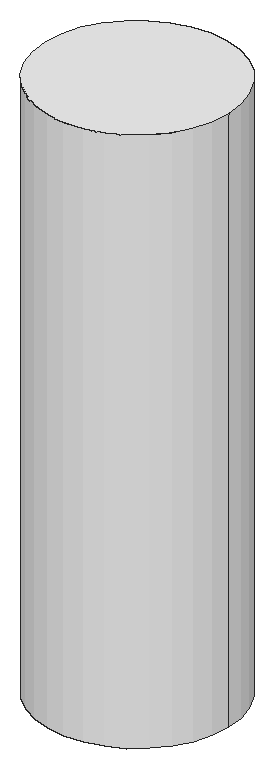
Revit family "05682019", category Plumbing Fixtures, Revit 2020
Family settings
  Round Connector Dimension = Use Diameter
  Part Type = Normal
  OmniClass Number = 23.45.55.00
  OmniClass Title = Sanitary Faucets, Wastes
  Work Plane-Based = No
  Always vertical = Yes
  Cut with Voids When Loaded = No
  Shared = No
  Room Calculation Point = No
Parameters (values of type "05682019 High washbasin faucet, 6 V, Bluetooth ")
  Working Pressure = "100 - 1000 kPa"
  WarrantyStartDate [instance] = "n/a"
  WarrantyGuarantorParts = "n/a"
  WarrantyGuarantorLabor = "n/a"
  WarrantyDurationUnit = "Year"
  WarrantyDurationParts = "n/a"
  WarrantyDurationLabor = "n/a"
  WarrantyDescription = "http://warranty.hansa.com"
  Warranty Information URL = "http://warranty.hansa.com"
  VersionDate = "01/06/2023"
  Version = "1"
  ValvePattern = "n/a"
  ValveOperation = "n/a"
  ValveMechanism = "n/a"
  Uniclass2015Reference = "Pr_40_20_87_96"
  Uniclass2015Description = "Washbasin manual water supply sets"
  Uniclass2 = "Pr_40_30_96_96"
  URL WEEE = "http://static.hansa.com/WEEE/05682019"
  URL UN38.3 = "http://static.hansa.com/UN383/05682019"
  URL REACH = "http://static.hansa.com/doc/reach"
  URL EcoLabel Declaration = "http://static.hansa.com/doc/EcoLabel"
  URL EU Packaging Declaration = "http://static.hansa.com/doc/packaging"
  URL Declaration of SCIP = "http://static.hansa.com/doc/SCIP"
  URL Declaration of Conformity = "http://static.hansa.com/DoC/05682019"
  URL Declaration of Asbestos = "http://static.hansa.com/doc/asbestos"
  URL Declaration Of Performance (DOP) = "http://static.hansa.com/doc/DoP"
  URL ABP = "http://static.hansa.com/ABP/05682019"
  URL = ""
  UNSPSC Class Number = "30181700 Faucets or taps"
  TestPressure = "n/a"
  Technical DataSheet URL = "http://www.hansa.com/datasheet/05682019/en"
  TagNumber [instance] = "n/a"
  SustainabilityPerformance = "n/a"
  Surface treatment = "Chrome"
  Spout Type = "Fixed spout;Casted construction"
  Spout Projection = "136 mm"
  Spare-Part Information URL = "http://static.hansa.com/sp/05682019"
  Size = "55x166.5x174 mm"
  Shape = "Sculptured"
  SerialNumber [instance] = "n/a"
  Sales Package dimensions (LxWxH) = "380 x 180 x 74"
  Revision = "n/a"
  ReplacementCost = "n/a"
  Protection Class = "IP 55"
  ProductInformation = "n/a"
  Product URL = "http://static.hansa.com/05682019"
  Product Image URL = "http://static.hansa.com/image/05682019"
  Product Family = "HANSAMEDIPRO XL"
  Product Code = "05682019"
  OperatingMechanismMaterial = "n/a"
  Operating Voltage = 6 V
  Operating Distance = "20-130 mm (110/130/160 mm)"
  NominalWidth = 55 mm
  NominalHeight = 174 mm
  NominalDepth = 166.5 mm
  Noise Class = "I (ISO 3822)"
  Name_en = "05682019 High washbasin faucet, 6 V, Bluetooth"
  Name = "05682019 High washbasin faucet, 6 V, Bluetooth"
  NBSReference = "45-35-70/371"
  NBSDescription = "Water supply fittings for wash basins and troughs"
  Mounting Holes = "1 hole"
  ModelReference = "05682019"
  ModelNumber = "n/a"
  Model = "05682019 High washbasin faucet, 6 V, Bluetooth"
  Mobile Product Information URL = "http://mpi.hansa.com/05682019"
  Mechanical Parts = "Litter filter(s);Non-return valve(s)"
  Max. Hot Water Supply = 70 °C
  Max Flow Period = "2 min (1 - 1800 s)"
  Material = "Brass"
  Market = "Austria;Belgium;Czech Republic;Germany;Spain;France;International;Italy;Netherlands;Slovakia"
  ManufacturerURL = "http://www.hansa.com"
  ManufacturerName = "HANSA"
  Manufacturer = "HANSA"
  Interactive AR View URL = "https://static.hansa.com/AR/05682019"
  InstallationDate [instance] = "n/a"
  Installation and Maintenance Guide URL = "http://static.hansa.com/manual/05682019"
  Installation Type = "Deck mounted"
  InletConnectionSize = 10 mm
  IfcExportType = "FAUCET"  # constant formula
  IfcExportAs = "IfcValveType"  # constant formula
  Group = "Washbasin faucet"
  Grade = "n/a"
  FlowCoefficient = 0
  Flow Rate At 300kPa With Flow Controller = 0.1 L/s
  Flow Rate At 300kPa (with flow controller) = 0.1 L/s
  Flow Drawing URL = "http://static.hansa.com/flowchart/05682019"
  Finish = "Polished"
  Features = "Touchless;Battery-operated;Bluetooth®"
  FaucetMainMaterial = Brass
  FDV Document URL = "http://www.hansa.com/datasheet/05682019/en/fdv"
  ExpectedLife = "n/a"
  Excluded Items = "Without pop-up waste;Without draw-rod opening"
  Electronic Parts = "Autofocus infrared sensor;Solenoid valve;Low battery indicator"
  ETIM Class Number = "EC010340 Electronic tap"
  EN Standard = "EN 15091,\nETSI EN 301 489-1 V1.9.2 , \nETSI EN 300 328 v2.2.2 , \nEN 61000-6-1:2007 , \nEN 61000-6-3:2007+A1:2011+AC:2012 , \nEN 60335-1:2012+A11+A13+A1+A14+A2+A15:2021, Part 19.11.4"
  EMC Directive = "Radio Equipment Directive 2014/53/EU , \nLow Voltage Directive 2014/35/EU , \nEMC Directive 2014/30/EU , \nRoHS Directive 2011/65/EU"
  EAN Number = "4057304005022"
  DurationUnit = "Year"
  Dimension Drawing URL = "http://static.hansa.com/dimdrw/05682019"
  Description = ""
  DefaultElevation [instance] = 900 mm
  Default Elevation = 0 mm
  Constituents = "n/a"
  Connection Size = "G3/8"
  Connection = "Flexible inlet pipes;One inlet for cold or premixed water;Special coating for hygienic premises"
  Color = "Chrome"
  CodePerformance = "n/a"
  CloseOffRating = 0
  Catalog Drawing URL = "http://static.hansa.com/catdrw/05682019"
  Brand = "HANSA"
  BodyMaterial = "Brass"
  Bluetooth = "4.x (D034445)"
  Battery = "Lithium 2CR5 6 V"
  Barcode [instance] = "n/a"
  Backflow Prevention EN1717 = "AA"
  BIMObjectName = "05682019"
  Automatic Flush Period = "30 s (1-1800 s)"
  Automatic Flush Frequency = "off (off/1-120 h)"
  Author = "BIMStone"
  AssetType = "Fixed"
  AssetIdentifier [instance] = "n/a"
  Approval ABP = "P-IX 29469/IO"
  Ambience photo = "http://static.hansa.com/ambience/05682019"
  Afterflow Period = "3 s (1-20 s)"
  Aerator = "Laminar stream"
  Advanced Features = "Inner body made of DZR brass;Surfaces in contact with drinking water contain less than 0.3% lead;Waterways without nickel coating;;Software settings adjustable via App"
  AccessibilityPerformance = "n/a"
  3D View = "https://static.hansa.com/AR/05682019"
  2D/3D/BIM Files URL = "http://static.hansa.com/bim/05682019"
Reference planes
  plane 1 "Center (Front/Back)": y = 0
  plane 2: z = 0
  plane 3 "Center (Left/Right)": x = 0
  plane 4: x = -27.5
  plane 5: x = 27.5
  plane 6: y = -166.5
  plane 7: z = 1074
  plane 8: z = 900
  plane 9: z = 870
Forms (mm)
  Extrusion 1, solid, material "Brass" <- "FaucetMainMaterial", detail levels medium
    sketch origin (0, 0, 0) x (0, 1, 0) y (0, 0, 1)
      loop
        line (0, 900) -> (-14.379, 1050.418) -> (-148.119, 1074) -> (-161.474, 1074) -> (-166.5, 1045.495) -> (-86.606, 1031.408)
        arc (-86.606, 1031.408) -> (-67.874, 1021.993) -> (-59.728, 1002.675) r 30.321
        line (-59.728, 1002.675) -> (-55, 900) -> (0, 900)
    from -27.5 to 27.5
  Extrusion 2, solid, material "Brass" <- "FaucetMainMaterial", detail levels coarse
    sketch origin (0, 0, 0) x (1, 0, 0) y (0, 1, 0)
      loop
        line (-27.5, 0) -> (-27.5, -166.5) -> (27.5, -166.5) -> (27.5, 0) -> (-27.5, 0)
    from 900 to 1074
  Extrusion 3, solid, material "Brass" <- "FaucetMainMaterial"
    sketch origin (0, 0, 0) x (1, 0, 0) y (0, 1, 0)
      loop
        circle (0, -27.5) r 5
    from 870 to 900
Lines and regions (mm)
  symbolic lines, detail levels medium+fine
    curve 1: line (-15.5, -69.537, 0) -> (-15.5, -149.141, 0)
    curve 2: arc (-22.324, -45.737, 0) -> (-17.24, -57.157, 0) -> (-15.5, -69.537, 0) r 44.913
    curve 3: arc (-27.502, -27.489, 0) -> (-26.212, -36.982, 0) -> (-22.324, -45.737, 0) r 33.978
    curve 4: arc (27.5, -27.489, 0) -> (27.347, -24.595, 0) -> (26.89, -21.734, 0) r 27.502
    curve 5: line (15.499, -71.499, 0) -> (15.499, -149.141, 0)
    curve 6: arc (22.753, -45.031, 0) -> (17.345, -57.777, 0) -> (15.499, -71.499, 0) r 51.914
    curve 7: arc (27.5, -27.489, 0) -> (27.182, -32.345, 0) -> (26.175, -37.105, 0) r 33.977
    curve 8: spline (-15.5, -149.141, 0) -> (-15.464, -150.192, 0) -> (-15.356, -151.239, 0) -> (-15.177, -152.275, 0) -> (-14.927, -153.297, 0) -> (-14.608, -154.3, 0) -> (-14.221, -155.279, 0) -> (-13.767, -156.229, 0) -> (-13.25, -157.147, 0) -> (-12.671, -158.027, 0) -> (-12.033, -158.866, 0) -> (-11.34, -159.659, 0) -> (-10.593, -160.404, 0)
    curve 10: spline (10.592, -160.404, 0) -> (11.339, -159.659, 0) -> (12.032, -158.866, 0) -> (12.67, -158.027, 0) -> (13.249, -157.147, 0) -> (13.766, -156.23, 0) -> (14.219, -155.279, 0) -> (14.606, -154.3, 0) -> (14.926, -153.298, 0) -> (15.175, -152.275, 0) -> (15.355, -151.239, 0) -> (15.463, -150.192, 0) -> (15.499, -149.141, 0)
    curve 11: arc (-10.593, -160.404, 0) -> (0, -166.501, 0) -> (10.592, -160.404, 0) r 12.251
    curve 12: arc (26.89, -21.734, 0) -> (-2.895, -0.141, 0) -> (-27.502, -27.489, 0) r 27.501
    curve 13: line (0, 0, 900) -> (0, -55, 900)
    curve 14: line (0, -55, 900) -> (0, -56.156, 916.535)
    curve 15: line (0, -56.848, 926.423) -> (0, -57.158, 934.633)
    curve 16: arc (0, -59.718, 1002.424) -> (0, -67.789, 1021.901) -> (0, -86.606, 1031.408) r 30.321
    curve 17: line (0, -86.606, 1031.408) -> (0, -137.511, 1040.384)
    curve 18: line (0, -137.511, 1040.384) -> (0, -143.636, 1043.989)
    curve 19: arc (0, -164.599, 1056.328) -> (0, -160.424, 1068.954) -> (0, -148.119, 1074) r 15.911
    curve 20: line (0, -148.119, 1074) -> (0, -42.816, 1054.716)
    curve 21: arc (0, -42.816, 1054.716) -> (0, -35.062, 1052.703) -> (0, -27.682, 1049.584) r 54.98
    curve 22: arc (0, -27.682, 1049.584) -> (0, -17.813, 1041.367) -> (0, -12.418, 1029.713) r 29.231
    curve 23: line (0, -12.418, 1029.713) -> (0, -1.858, 926.431)
    curve 24: line (0, -1.858, 926.431) -> (0, 0, 900)
    curve 25: line (0, -145.977, 1040.013) -> (0, -166.5, 1051.862)
    curve 26: line (0, -166.5, 1051.862) -> (0, -164.059, 1056.01)
    curve 27: line (0, -145.977, 1040.013) -> (0, -143.636, 1043.989)
    curve 29: line (0, -164.059, 1056.01) -> (0, -164.599, 1056.328)
    curve 30: arc (0, -57.413, 941.388) -> (0, -58.589, 937.961) -> (0, -57.158, 934.633) r 5.032
    curve 31: arc (0, -56.638, 923.431) -> (0, -57.788, 919.886) -> (0, -56.156, 916.535) r 4.983
    curve 32: line (0, -56.638, 923.431) -> (0, -56.848, 926.423)
    curve 34: line (0, -57.413, 941.388) -> (0, -59.718, 1002.424)
    curve 36: arc (26.175, -37.105, 0) -> (24.717, -41.177, 0) -> (22.753, -45.031, 0) r 33.977
    curve 37: line (-27.5, 0, 900) -> (27.5, 0, 900)
    curve 38: line (-27.5, 0, 900) -> (-27.5, 0, 926.446)
    curve 39: line (-27.5, 0, 926.446) -> (-24.359, 0, 1016.391)
    curve 40: arc (-24.359, 0, 1016.391) -> (-21.799, 0, 1031.69) -> (-15.365, 0, 1045.804) r 59.407
    curve 41: line (-15.365, 0, 1045.804) -> (-15.365, 0, 1058.848)
    curve 42: line (27.5, 0, 900) -> (27.5, 0, 926.446)
    curve 43: line (27.5, 0, 926.446) -> (24.359, 0, 1016.391)
    curve 44: arc (24.359, 0, 1016.391) -> (21.799, 0, 1031.69) -> (15.365, 0, 1045.804) r 59.407
    curve 45: line (15.365, 0, 1045.804) -> (15.365, 0, 1058.848)
    curve 46: spline (-15.365, 0, 1058.848) -> (-14.842, 0, 1062.769) -> (-13.307, 0, 1066.424) -> (-10.865, 0, 1069.562) -> (-7.683, 0, 1071.97) -> (-3.977, 0, 1073.484) -> (0, 0, 1074) -> (3.977, 0, 1073.484) -> (7.683, 0, 1071.97) -> (10.865, 0, 1069.562) -> (13.307, 0, 1066.424) -> (14.842, 0, 1062.769) -> (15.365, 0, 1058.848)
  symbolic lines, detail levels fine
    curve 9: spline (-10.593, -160.404, 0) -> (-9.095, -161.635, 0) -> (-7.454, -162.669, 0) -> (-5.695, -163.491, 0) -> (-3.847, -164.087, 0) -> (-1.939, -164.448, 0) -> (0, -164.57, 0) -> (1.938, -164.448, 0) -> (3.846, -164.087, 0) -> (5.694, -163.491, 0) -> (7.453, -162.669, 0) -> (9.094, -161.635, 0) -> (10.592, -160.404, 0)
    curve 28: line (0, -143.636, 1043.989) -> (0, -164.059, 1056.01)
    curve 33: line (0, -56.156, 916.535) -> (0, -56.638, 923.431)
    curve 35: line (0, -57.158, 934.633) -> (0, -57.413, 941.388)
    curve 47: circle (0, 0, 937.975) r 3.491 normal (0, -1, 0)
    curve 48: circle (0, 0, 919.975) r 3.491 normal (0, -1, 0)
    curve 49: spline (-15.365, 0, 1058.848) -> (-15.342, 0, 1058.007) -> (-15.271, 0, 1057.17) -> (-15.153, 0, 1056.337) -> (-14.989, 0, 1055.512) -> (-14.778, 0, 1054.698) -> (-14.522, 0, 1053.896) -> (-14.221, 0, 1053.11) -> (-13.876, 0, 1052.341) -> (-13.489, 0, 1051.592) -> (-13.06, 0, 1050.865) -> (-12.591, 0, 1050.163) -> (-12.084, 0, 1049.488)
    curve 50: spline (12.084, 0, 1049.488) -> (12.591, 0, 1050.163) -> (13.06, 0, 1050.865) -> (13.489, 0, 1051.592) -> (13.876, 0, 1052.341) -> (14.221, 0, 1053.11) -> (14.522, 0, 1053.896) -> (14.778, 0, 1054.698) -> (14.989, 0, 1055.512) -> (15.153, 0, 1056.337) -> (15.271, 0, 1057.17) -> (15.342, 0, 1058.007) -> (15.365, 0, 1058.848)
    curve 51: spline (-11.212, 0, 1052.032) -> (-10.105, 0, 1053.228) -> (-8.604, 0, 1054.277) -> (-6.766, 0, 1055.139) -> (-4.663, 0, 1055.78) -> (-2.378, 0, 1056.175) -> (0, 0, 1056.308) -> (2.378, 0, 1056.175) -> (4.663, 0, 1055.78) -> (6.766, 0, 1055.139) -> (8.604, 0, 1054.277) -> (10.105, 0, 1053.228) -> (11.212, 0, 1052.032)
    curve 52: line (-11.212, 0, 1047.289) -> (-11.212, 0, 1046.089)
    curve 53: line (11.212, 0, 1047.289) -> (11.212, 0, 1046.089)
    curve 54: spline (11.212, 0, 1052.032) -> (11.476, 0, 1051.624) -> (11.694, 0, 1051.207) -> (11.864, 0, 1050.784) -> (11.986, 0, 1050.355) -> (12.059, 0, 1049.922) -> (12.084, 0, 1049.488) -> (12.059, 0, 1049.054) -> (11.986, 0, 1048.622) -> (11.864, 0, 1048.193) -> (11.694, 0, 1047.769) -> (11.476, 0, 1047.352) -> (11.212, 0, 1046.944)
    curve 55: spline (11.212, 0, 1046.089) -> (10.83, 0, 1047.493) -> (9.71, 0, 1048.801) -> (7.928, 0, 1049.925) -> (5.606, 0, 1050.787) -> (2.902, 0, 1051.328) -> (0, 0, 1051.513) -> (-2.902, 0, 1051.328) -> (-5.606, 0, 1050.787) -> (-7.928, 0, 1049.925) -> (-9.71, 0, 1048.801) -> (-10.83, 0, 1047.493) -> (-11.212, 0, 1046.089) -> (-10.83, 0, 1044.686) -> (-9.71, 0, 1043.377) -> (-7.928, 0, 1042.254) -> (-5.606, 0, 1041.392) -> (-2.902, 0, 1040.85) -> (0, 0, 1040.665) -> (2.902, 0, 1040.85) -> (5.606, 0, 1041.392) -> (7.928, 0, 1042.254) -> (9.71, 0, 1043.377) -> (10.83, 0, 1044.686) -> (11.212, 0, 1046.089)
    curve 56: spline (11.212, 0, 1047.289) -> (10.83, 0, 1048.693) -> (9.71, 0, 1050.001) -> (7.928, 0, 1051.125) -> (5.606, 0, 1051.987) -> (2.902, 0, 1052.528) -> (0, 0, 1052.713) -> (-2.902, 0, 1052.528) -> (-5.606, 0, 1051.987) -> (-7.928, 0, 1051.125) -> (-9.71, 0, 1050.001) -> (-10.83, 0, 1048.693) -> (-11.212, 0, 1047.289)
    curve 57: spline (-11.212, 0, 1046.944) -> (-11.476, 0, 1047.352) -> (-11.694, 0, 1047.769) -> (-11.864, 0, 1048.193) -> (-11.986, 0, 1048.622) -> (-12.059, 0, 1049.054) -> (-12.084, 0, 1049.488) -> (-12.059, 0, 1049.922) -> (-11.986, 0, 1050.355) -> (-11.864, 0, 1050.784) -> (-11.694, 0, 1051.207) -> (-11.476, 0, 1051.624) -> (-11.212, 0, 1052.032)
Dimensions and locks
  equal spacing: plane 4, plane 3 "Center (Left/Right)", plane 5
  "NominalDepth": plane 6 to plane 1 "Center (Front/Back)"
  "NominalHeight": plane 7 to plane 8
  "DefaultElevation": plane 8 to level
  locked: plane 8 to plane 9 at 30
  "NominalWidth": plane 4 to plane 5
  "InletConnectionSize": diameter of Extrusion 3 sketch curve
  aligned and locked: level to plane 2
  aligned and locked: plane 7 to Extrusion 2
  aligned and locked: Extrusion 2 to plane 8
  aligned and locked: plane 8 to Extrusion 3
  aligned and locked: Extrusion 3 to plane 9
  aligned and locked: import instance to plane 8
Automatic sketch dimensions
  curve 25 to plane 6 = 0 mm
  curve 19 to plane 7 = 0 mm
  curve 14 to plane 8 = 0 mm
  curve 13 to plane 1 "Center (Front/Back)" = 0 mm
  plane 6 to curve 29 = 1.901 mm
  curve 19 to curve 29 = 0.54 mm
  curve 26 to curve 19 = 15.271 mm
  curve 19 to curve 20 = 0.668 mm
  curve 19 to curve 25 = 2.811 mm
  curve 25 to curve 27 = 2.34 mm
  curve 18 to curve 17 = 6.125 mm
  curve 17 to curve 16 = 47.494 mm
  curve 16 to curve 17 = 3.411 mm
  curve 16 to curve 34 = 30.299 mm
  plane 1 "Center (Front/Back)" to curve 32 = 56.848 mm
  curve 32 to curve 14 = 1.848 mm
  curve 32 to curve 30 = 3.287 mm
  curve 32 to curve 31 = 4.031 mm
  curve 16 to curve 21 = 6.999 mm
  curve 20 to plane 7 = 19.284 mm
  plane 1 "Center (Front/Back)" to curve 20 = 42.816 mm
  curve 21 to curve 22 = 11.726 mm
  plane 1 "Center (Front/Back)" to curve 23 = 12.418 mm
  plane 1 "Center (Front/Back)" to curve 23 = 1.858 mm
  plane 8 to curve 24 = 26.431 mm
  curve 32 to curve 30 = 11.728 mm
  curve 21 to curve 20 = 54.081 mm
  curve 21 to curve 16 = 0.645 mm
  curve 21 to curve 34 = 1.789 mm
  curve 21 to curve 22 = 22.924 mm
  curve 23 to curve 21 = 19.871 mm
  curve 25 to plane 7 = 33.987 mm
  curve 25 to curve 18 = 0.371 mm
  curve 30 to curve 30 = 3.852 mm
  curve 32 to curve 31 = 0.209 mm
  curve 31 to curve 31 = 3.34 mm
  curve 31 to curve 31 = 3.699 mm
  curve 31 to curve 15 = 2.992 mm
  plane 8 to curve 14 = 16.535 mm
  curve 30 to curve 34 = 3.237 mm
  plane 8 to curve 15 = 34.633 mm
  Extrusion 1 sketch curve to plane 6 = 0 mm
  Extrusion 1 sketch curve to plane 7 = 0 mm
  Extrusion 1 sketch curve to plane 8 = 0 mm
  Extrusion 1 sketch curve to plane 1 "Center (Front/Back)" = 0 mm
  plane 6 to Extrusion 1 sketch curve = 5.026 mm
  Extrusion 1 sketch curve to Extrusion 1 sketch curve = 13.354 mm
  plane 6 to Extrusion 1 sketch curve = 76.483 mm
  Extrusion 1 sketch curve to Extrusion 1 sketch curve = 3.411 mm
  Extrusion 1 sketch curve to Extrusion 1 sketch curve = 30.289 mm
  plane 1 "Center (Front/Back)" to Extrusion 1 sketch curve = 55 mm
  Extrusion 1 sketch curve to plane 7 = 72.72 mm
  Extrusion 1 sketch curve to Extrusion 1 sketch curve = 1.395 mm
  plane 1 "Center (Front/Back)" to Extrusion 1 sketch curve = 14.379 mm
  Extrusion 1 sketch curve to plane 7 = 23.582 mm
  Extrusion 2 sketch curve to plane 4 = 0 mm
  Extrusion 2 sketch curve to plane 6 = 0 mm
  plane 1 "Center (Front/Back)" to Extrusion 2 sketch curve = 0 mm
  curve 7 to curve 36 = 0 mm  (x2)
  curve 8 to plane 3 "Center (Left/Right)" = 0 mm
  curve 11 to plane 3 "Center (Left/Right)" = 0 mm
  curve 12 to plane 3 "Center (Left/Right)" = 0.001 mm
  curve 4 to curve 12 = 0.001 mm  (x2)
  curve 36 to plane 3 "Center (Left/Right)" = 6.476 mm
  plane 4 to curve 1 = 12 mm
  curve 2 to plane 4 = 32.913 mm
  plane 3 "Center (Left/Right)" to curve 3 = 6.475 mm
  curve 5 to plane 5 = 12.001 mm
  plane 6 to curve 11 = 12.25 mm
  curve 11 to curve 5 = 5.109 mm
  curve 10 to curve 1 = 0 mm
  plane 1 "Center (Front/Back)" to curve 5 = 71.499 mm
  curve 5 to curve 1 = 1.962 mm
  plane 1 "Center (Front/Back)" to curve 36 = 27.708 mm
  curve 7 to curve 3 = 0.001 mm
  curve 7 to curve 4 = 0.218 mm
  curve 9 to plane 3 "Center (Left/Right)" = 0 mm
  curve 10 to curve 9 = 0 mm
  plane 6 to curve 9 = 6.096 mm
  curve 9 to plane 3 "Center (Left/Right)" = 10.593 mm
  curve 9 to curve 1 = 0 mm
  curve 1 to curve 9 = 0 mm
  curve 12 to curve 3 = 5.178 mm
  curve 36 to plane 5 = 1.325 mm
  curve 12 to plane 5 = 0.61 mm
  plane 5 to curve 6 = 39.912 mm
  plane 5 to Extrusion 2 sketch curve = 0 mm
  curve 37 to plane 4 = 0 mm
  curve 48 to plane 3 "Center (Left/Right)" = 0 mm
  curve 49 to plane 3 "Center (Left/Right)" = 0 mm
  curve 57 to plane 3 "Center (Left/Right)" = 0 mm
  curve 46 to plane 3 "Center (Left/Right)" = 0 mm
  curve 47 to plane 3 "Center (Left/Right)" = 0 mm
  curve 50 to plane 3 "Center (Left/Right)" = 0 mm
  curve 55 to plane 3 "Center (Left/Right)" = 0 mm
  curve 51 to plane 3 "Center (Left/Right)" = 0 mm
  curve 54 to plane 3 "Center (Left/Right)" = 0 mm
  curve 43 to plane 5 = 0 mm
  curve 37 to plane 8 = 0 mm
  curve 44 to plane 4 = 7.512 mm
  plane 4 to curve 39 = 3.141 mm
  plane 4 to curve 41 = 12.135 mm
  curve 40 to curve 52 = 4.154 mm
  curve 43 to plane 5 = 3.141 mm
  plane 5 to curve 40 = 7.512 mm
  plane 8 to curve 48 = 19.975 mm
  plane 8 to curve 38 = 26.446 mm
  curve 48 to curve 47 = 18 mm
  curve 40 to plane 7 = 59.682 mm
  curve 44 to plane 7 = 59.682 mm
  curve 40 to curve 43 = 2.073 mm
  curve 44 to curve 39 = 2.073 mm
  curve 40 to curve 52 = 1.486 mm
  curve 56 to curve 45 = 11.558 mm
  curve 49 to curve 46 = 0 mm  (x2)
  curve 50 to curve 46 = 0 mm  (x2)
  curve 51 to curve 56 = 0.872 mm
  curve 49 to curve 51 = 0 mm  (x2)
  curve 54 to curve 57 = 0 mm
  curve 54 to curve 51 = 0.872 mm
  curve 51 to curve 50 = 0.872 mm
  plane 8 to curve 42 = 26.446 mm
  curve 52 to curve 52 = 1.2 mm
  curve 55 to curve 53 = 1.2 mm
  curve 53 to curve 55 = 0 mm
  curve 57 to curve 52 = 0.345 mm
  curve 54 to curve 53 = 0.345 mm
  curve 56 to curve 50 = 2.199 mm
  curve 56 to curve 54 = 2.199 mm
  curve 51 to curve 57 = 0 mm
  Extrusion 3 sketch curve to plane 3 "Center (Left/Right)" = 0 mm
  plane 1 "Center (Front/Back)" to Extrusion 3 sketch curve = 27.5 mm
  radius of curve 47 = 3.491 mm
  radius of curve 48 = 3.491 mm
Nested families
  nested 1: "Symbol" at (0, 0, 0), type "Symbol", detail levels coarse
Connectors
  piping at (0, -27.5, 870), diameter 10, driven by "InletConnectionSize", driven by "Flow Rate At 300kPa (with flow controller)"
    settings: on Extrusion 3, index 1, connector inside diameter 609.6 mm, connector length 0 mm, flow factor 0, pipe flow 0.1 L/s, pressure drop 0.0 Pa, fitting loss kfactor 0, connector angle 0.00°, fixture units 0, engagement length 0 mm, angle of deflection 0.00°, flow configuration 1, flow direction 1, fitting loss method 0, system type 19, joint type 0, gender type 0, connector reference index -1, connector utility 0, adjustable connector no, is connector primary yes, connector description ""
Definition of nested family "Symbol"
  Reference planes
    plane 1: y = 0
    plane 2: x = 0
  Lines and regions (mm)
    detail lines
      curve 1: line (0, 0, 0) -> (0, -1.8, 0)
      curve 2: line (-0.4, -1.1, 0) -> (0.4, -1.1, 0)
      curve 3: line (-0.4, -1.4, 0) -> (0.4, -1.4, 0)
      curve 4: line (0.863, 0, 0) -> (-0.863, 0, 0)
      curve 5: circle (-1.163, 0, 0) r 0.3 normal (0, 0, -1)
      curve 6: circle (1.163, 0, 0) r 0.3 normal (0, 0, 1)
